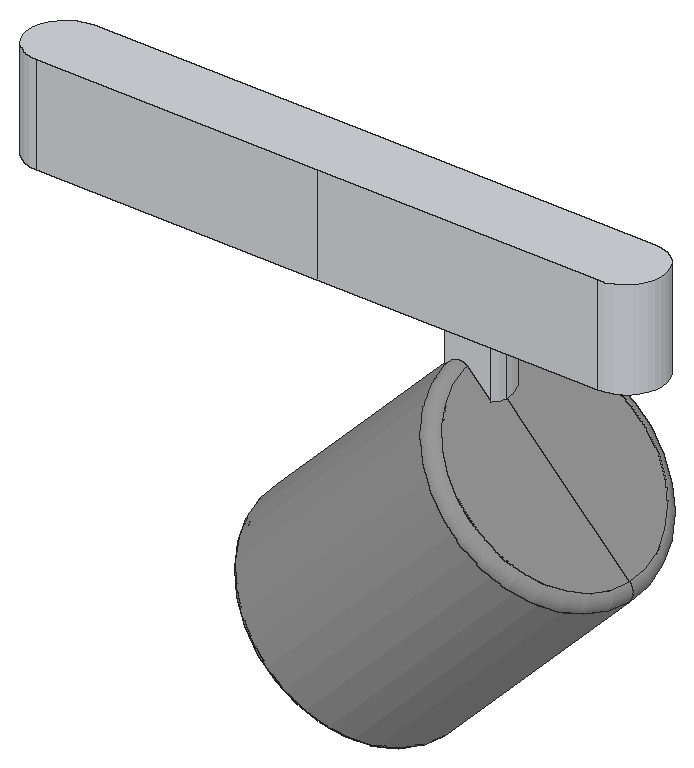
Revit family "IVLB_L4U_LF_Track Spot - EDDA M", category Lighting Fixtures, Revit 2019
Family settings
  Round Connector Dimension = Use Diameter
  Part Type = Normal
  Work Plane-Based = No
  Always vertical = No
  Cut with Voids When Loaded = No
  Light Source = No
  Shared = No
  Room Calculation Point = No
Parameters (values of type "EDDA M 1450lm_930 14W 20deg")
  ⌂ Powered by IVLibrary = "www.ivlibrary.com"
  Wattage Comments = "14W"
  URL = "https://light4u.io/product/track-luminaires/edda-m/"
  Type Comments = "Edda M"
  Track_Spot_Position_UD = 41 mm
  Track Adapter_Width = 29 mm
  Track Adapter_Length = 228 mm
  Track Adapter_Height = 30 mm
  Symbol_ToScale [instance] = not(Symbol_RealSize)  # no
  Symbol_RealSize [instance] = yes
  Switch Code [instance] = ""
  Track_Spot_Diameter = 96 mm
  Track_Spot_Length = 112 mm
  Track_Spot_Position_LR = 55 mm
  Rotation_Y-Axis [instance] = 45.00°
  Rotation_X-Axis [instance] = 0.00°
  Model = "Track Spot Edda M"
  Manufacturer = "Light4U"
  Luminaire Code = ""
  Light Source = Lightsource M : EDDA M 1450lm_930 14W 20deg_LDT
  Lamp = "LED"
  IfcExportType = "POINTSOURCE"
  IfcExportAs = "IfcLightFixtureType"
  Description = "Track Spot Edda M"
  built-in parameter 1140040 [instance] = 1
  Calc_Coupling_Length = Track_Spot_Position_UD  # 41 mm
  Assembly Code = "63.00"
  Article Number = ""
  Apparent Load = 14 VA
Types (13, lengths in mm): name | Wattage Comments | Light Source | Apparent Load
  (no name) | "14W" | Lightsource M : EDDA M 1450lm_930 14W 20deg_LDT | 14 VA
  EDDA M 1450lm_930 14W 30deg | "14W" | Lightsource M : EDDA M 1450lm_930 14.5W 30deg_LDT | 14 VA
  EDDA M 1450lm_930 14W 20deg | "14W" | Lightsource M : EDDA M 1450lm_930 14W 20deg_LDT | 14 VA
  EDDA M 1450lm_930 14W 45deg | "14W" | Lightsource M : EDDA M 1450lm_930 14W 45deg_LDT | 14 VA
  EDDA M 1450lm_930 14W 55deg | "14W" | Lightsource M : EDDA M 1450lm_930 14W 55deg_LDT | 14 VA
  EDDA M 2000lm_930 18.5W 20deg | "18.5W" | Lightsource M : EDDA M 2000lm_930 18.5W 20deg_LDT | 18.5 VA
  EDDA M 2000lm_930 18.5W 30deg | "18.5W" | Lightsource M : EDDA M 2000lm_930 18.5W 30deg_LDT | 18.5 VA
  EDDA M 2000lm_930 18.5W 45deg | "18.5W" | Lightsource M : EDDA M 2000lm_930 18.5W 45deg_LDT | 18.5 VA
  EDDA M 2000lm_930 18.5W 55deg | "18.5W" | Lightsource M : EDDA M 2000lm_930 18.5W 55deg_LDT | 18.5 VA
  EDDA M 3000lm_930 30W 20deg | "30W" | Lightsource M : EDDA M 3000lm_930 30W 20deg_LDT | 30 VA
  EDDA M 3000lm_930 30W 30deg | "30W" | Lightsource M : EDDA M 3000lm_930 30W 30deg_LDT | 30 VA
  EDDA M 3000lm_930 30W 45deg | "30W" | Lightsource M : EDDA M 3000lm_930 30W 45deg_LDT | 30 VA
  EDDA M 3000lm_930 30W 55deg | "30W" | Lightsource M : EDDA M 3000lm_930 30W 55deg_LDT | 30 VA
Reference planes
  plane 1 "Center (Front/Back)": y = 0
  plane 2: z = 0
  plane 3 "Center (Left/Right)": x = 0
  plane 4: x = 0.044
Forms (mm)
  Extrusion 1, solid
    sketch origin (0, 0, 0) x (1, 0, 0) y (0, 1, 0)
      loop
        line (0, 14.5) -> (-113.956, 14.5)
        arc (-113.956, 14.5) -> (-128.456, 0) -> (-113.956, -14.5) r 14.5
        line (-113.956, -14.5) -> (0, -14.5) -> (114.044, -14.5)
        arc (114.044, -14.5) -> (128.544, 0) -> (114.044, 14.5) r 14.5
        line (114.044, 14.5) -> (0, 14.5)
    from -10 to 30
Lines and regions (mm)
  symbolic lines, visible <- "Symbol_RealSize"
    curve 1: circle (55.044, 0, 0) r 42.5 normal (0, 0, 1)
Dimensions and locks
  equal spacing: Extrusion 1 sketch curve, plane 1 "Center (Front/Back)", Extrusion 1 sketch curve
  "Track Adapter_Width": Extrusion 1 sketch curve to Extrusion 1 sketch curve
  "Track Adapter_Length": Extrusion 1 sketch curve to Extrusion 1 sketch curve
  equal spacing: Extrusion 1 sketch curve, plane 4, Extrusion 1 sketch curve
  locked: level to Extrusion 1 at 10
  "Track Adapter_Height": Extrusion 1 to level
  "Track_Spot_Position_LR": nested 2 to plane 3 "Center (Left/Right)"
  "Track_Spot_Position_LR": plane 3 "Center (Left/Right)" to nested 1
  "Track_Spot_Position_LR": plane 4 to curve 1
  "Track_Spot_Position_LR": plane 4 to nested 3
  aligned and locked: level to plane 2
  aligned and locked: level to nested 1
  aligned and locked: nested 1 to nested 2
Automatic sketch dimensions
  plane 1 "Center (Front/Back)" to curve 1 = 0 mm
  Extrusion 1 sketch curve to plane 3 "Center (Left/Right)" = 0 mm  (x2)
  radius of curve 1 = 42.5 mm
Nested families
  nested 1: "Track_360_Rotation" at (55, -0.071, 0) x (-1, 0, 0) z (0, 0, 1), Coupling_Length <- "Track_Spot_Position_UD", type "LightLine_Spot_Coupling_Rotation"
    with Coupling_Length 41 mm
  nested 2: "Track_Spot_Aim M" at (55, -0.071, -41), Length <- "Track_Spot_Length", Width <- "Track_Spot_Diameter", Rotation_Spot <- "Rotation_Y-Axis", type "Track Spot Geometry"
    with Width 96 mm, Rotation_Spot 45.00°, Rotation point no, Rotaion_Max 45.00°, Length 112 mm, Calc_Length 92 mm
  nested 3: "Ø85 Symbol" at (55.044, 0, 0) x (0, 1, 0) z (0, 0, 1), visible <- "Symbol_ToScale", type "Ø85 Symbol"
    with Orientation Arrow no
  nested 4: "Lightsource M" at (19.783, 0.012, -121.032) x (0, 1, 0) z (0.7071, 0, 0.7071), type <- "Light Source", type "EDDA M 1450lm_930 14W 20deg_LDT"
Connectors
  electrical at (0, 0, 0), driven by "Apparent Load"
    settings: index 1, voltage 230 V, apparent load 0 VA, apparent load phase1 14 VA, apparent load phase2 0 VA, apparent load phase3 0 VA, power factor 1, load classification "Other", number of poles 1, system type 31, power factor state 1, is connector primary yes, connector utility no, sub classification motor no, connector description ""
Definition of nested family "Track_360_Rotation"
  Parameters (values of type "LightLine_Spot_Coupling_Rotation")
    Rotation_Coupling = 0.00°
    Coupling_Length [instance] = 30.686 mm
  Reference planes
    plane 1 "Center (Front/Back)": y = 0
    plane 2: z = 0
    plane 3 "Center (Left/Right)": x = 0
  Lines and regions (mm)
    reference lines
      curve 1: line (0, 0, 1060) -> (205, 0, 1060)
      curve 2: line (0, 0, 0) -> (0, 0, -30.686)
  Dimensions and locks
    "Rotation_Coupling": angle plane 1 "Center (Front/Back)" to curve 1
    aligned and locked: level to plane 2
    aligned and locked: plane 3 "Center (Left/Right)" to curve 1
    aligned and locked: plane 1 "Center (Front/Back)" to curve 1
  Automatic sketch dimensions
    curve 2 to plane 3 "Center (Left/Right)" = 0 mm
    curve 2 to level = 0 mm
    curve 2 to level = 30.686 mm
  Nested families
    nested 1: "LightLine_Spot_Coupling" at (0, 0, 0) x (0, -1, 0) z (0, 0, 1), Coupling length <- "Coupling_Length", type "LightLine_Spot_Coupling"
  Definition of nested family "LightLine_Spot_Coupling"
    Parameters (values of type "LightLine_Spot_Coupling")
      Default Elevation = 1219.2 mm
      Coupling length [instance] = 30.686 mm
    Reference planes
      plane 1 "Center (Front/Back)": y = 0
      plane 2: z = 0
      plane 3 "Center (Left/Right)": x = 0
    Forms (mm)
      Extrusion 1, solid
        sketch origin (0, -9.419, 0) x (1, 0, 0) y (0, 1, 0)
          loop
            arc (0, 20) -> (-3.473, 19.696) -> (-6.84, 18.794) r 20
            line (-6.84, 18.794) -> (-6.84, -0.044)
            arc (-6.84, -0.044) -> (-3.473, -0.946) -> (0, -1.25) r 20
            arc (0, -1.25) -> (3.473, -0.946) -> (6.84, -0.044) r 20
            line (6.84, -0.044) -> (6.84, 18.794)
            arc (6.84, 18.794) -> (3.473, 19.696) -> (0, 20) r 20
        from -30.686 to 0
    Dimensions and locks
      "Coupling length": Extrusion 1 to level
      aligned and locked: level to plane 2
      aligned and locked: level to Extrusion 1
    Automatic sketch dimensions
      Extrusion 1 sketch curve to Extrusion 1 sketch curve = 0 mm  (x4)
      Extrusion 1 sketch curve to plane 3 "Center (Left/Right)" = 0 mm  (x2)
      Extrusion 1 sketch curve to plane 3 "Center (Left/Right)" = 6.84 mm
      plane 3 "Center (Left/Right)" to Extrusion 1 sketch curve = 6.84 mm
      plane 1 "Center (Front/Back)" to Extrusion 1 sketch curve = 9.463 mm
      Extrusion 1 sketch curve to Extrusion 1 sketch curve = 0.044 mm  (x2)
      Extrusion 1 sketch curve to plane 1 "Center (Front/Back)" = 9.331 mm
Definition of nested family "Track_Spot_Aim M"
  Parameters (values of type "Track Spot Geometry")
    Width [instance] = 85 mm
    Rotation_Spot [instance] = 45.00°
    Rotation point [instance] = yes
    Rotaion_Max [instance] = if(Rotation_Spot < 0.00°, 0.00°, if(Rotation_Spot > 90.00°, 90.00°, Rotation_Spot))  # 45.00°
    Length [instance] = 104 mm
    Default Elevation = 1219.2 mm
    Calc_Length [instance] = Length - 20 mm  # 84 mm
  Reference planes
    plane 1 "Center (Front/Back)": y = 0
    plane 2: z = 0
    plane 3 "Center (Left/Right)": x = 0
  Lines and regions (mm)
    reference lines
      curve 1: line (0, 0, 0) -> (28.284, 0, 28.284)
    model lines, visible <- "Rotation point"
      curve 2: circle (0, 0, 0) r 1.09 normal (0, -1, 0)
  Dimensions and locks
    "Rotaion_Max": angle curve 1 to plane 3 "Center (Left/Right)"
    aligned and locked: level to plane 2
    aligned and locked: plane 2 to curve 1
    aligned and locked: plane 3 "Center (Left/Right)" to curve 1
  Automatic sketch dimensions
    curve 2 to level = 0 mm
    curve 2 to plane 3 "Center (Left/Right)" = 0 mm
    radius of curve 2 = 1.09 mm
  Nested families
    nested 1: "Track Spot" at (30.005, 0, -14.497) x (0.7071, 0, -0.7071) z (0.7071, 0, 0.7071), Length <- "Length", Width <- "Width", type "Track Spot"
      with Width 85 mm, Length 104 mm, Calc_Width 42.5 mm, Calc_LED 81.802 mm, Calc_Arc_Reflector 22.198 mm, Calc_Arc 22.998 mm
  Definition of nested family "Track Spot"
    Parameters (values of type "Track Spot")
      Calc_LED [instance] = Length - Calc_Arc_Reflector  # 81.802 mm
      Calc_Arc_Reflector [instance] = Calc_Arc - 0.8 mm  # 22.198 mm
      Calc_Arc [instance] = 22.998 mm
      Width [instance] = 85 mm
      Material_Reflector = none
      Material_Profile = none
      Length [instance] = 104 mm
      Default Elevation = 1219.2 mm
      Calc_Width [instance] = Width / 2  # 42.5 mm
    Reference planes
      plane 1 "Center (Front/Back)": y = 0
      plane 2: z = 0
      plane 3 "Center (Left/Right)": x = 0
      plane 4: z = -104
      plane 5: x = 42.5
      plane 6: x = 42.5
      plane 7: x = -42.5
      plane 8: x = 41.019
      plane 9: z = -104
    Forms (mm)
      Revolve 1, solid, material <- "Material_Profile"
        sketch origin (0, 0, 0) x (1, 0, 0) y (0, 0, 1)
          loop
            arc (42.5, -5) -> (41.036, -1.464) -> (37.5, 0) r 5
            line (37.5, 0) -> (0, 0) -> (0, -81.002)
            arc (0, -81.002) -> (23.28, -86.803) -> (41.116, -102.849) r 49.614
            arc (41.116, -102.849) -> (41.541, -103.97) -> (42.5, -103.25) r 0.75
            line (42.5, -103.25) -> (42.5, -5)
          axis (0, 0) -> (0, -103.25)
        angle from 0 to 360
      Revolve 2, solid, material <- "Material_Reflector"
        sketch origin (0, 0, 0) x (1, 0, 0) y (0, 0, 1)
          loop
            arc (0, -81.802) -> (23.32, -87.708) -> (41.019, -104) r 48.998
            line (41.019, -104) -> (41.655, -103.515)
            arc (41.655, -103.515) -> (23.674, -86.992) -> (0, -81.004) r 49.796
            line (0, -81.004) -> (0, -81.802)
          axis (0, -81.004) -> (0, -104)
        angle from 0 to 360
      Revolve 3, solid
        sketch origin (0, 0, 0) x (1, 0, 0) y (0, 0, 1)
          loop
            line (-10, -84.302) -> (0, -84.302) -> (0, -81.802) -> (-10, -81.802) -> (-10, -84.302)
          axis (0, -81.802) -> (0, -84.302)
        angle from 0 to 360
    Lines and regions (mm)
      reference lines
        curve 1: line (70, 0, 0) -> (-80, 0, 0)
        curve 2: line (34.256, 0, -11.177) -> (29.256, 0, -11.177)
        curve 3: line (31.756, 0, -8.808) -> (31.756, 0, -13.808)
        curve 6: line (-34.256, 0, -11.177) -> (-29.256, 0, -11.177)
        curve 7: line (-31.756, 0, -8.808) -> (-31.756, 0, -13.808)
        curve 8: circle (31.756, 0, -11.177) r 2.5 normal (0, -1, 0)
        curve 10: circle (-31.756, 0, -11.177) r 2.5 normal (0, 1, 0)
      reference lines, not visible
        curve 4: line (38.256, 0, -5.177) -> (33.256, 0, -5.177)
        curve 5: line (35.756, 0, -2.808) -> (35.756, 0, -7.808)
        curve 9: circle (35.756, 0, -5.177) r 2.5 normal (0, -1, 0)
    Dimensions and locks
      "Calc_Width": plane 3 "Center (Left/Right)" to plane 5
      "Length": level to plane 4
      locked: Revolve 1 sketch curve to Revolve 1 sketch curve at 1.441
      equal spacing: plane 6, plane 3 "Center (Left/Right)", plane 7
      "Calc_Width": plane 6 to plane 3 "Center (Left/Right)"
      locked: plane 8 to plane 6 at 1.481
      "Length": level to Revolve 2 sketch curve
      locked: Revolve 2 sketch curve to Revolve 2 sketch curve at 0.8
      "Calc_Arc": Revolve 1 sketch curve to plane 4
      "Length": level to plane 9
      locked: Revolve 2 sketch curve to Revolve 2 sketch curve at 0.798
      "Calc_Arc_Reflector": Revolve 2 sketch curve to plane 9
      locked: curve 3 to plane 6 at 10.744
      locked: level to curve 2 at 11.177
      locked: curve 7 to plane 7 at 10.744
      locked: level to curve 6 at 11.177
      plane 3 "Center (Left/Right)" to Revolve 3 sketch curve = 10 mm
      locked: Revolve 3 sketch curve to Revolve 3 sketch curve at 2.5
      "Calc_LED": plane 2 to Revolve 3 sketch curve
      aligned and locked: level to plane 2
      aligned and locked: level to Revolve 1 sketch curve
      aligned and locked: Revolve 1 sketch curve to plane 5
      aligned and locked: plane 8 to Revolve 2 sketch curve
    Automatic sketch dimensions
      curve 1 to level = 0 mm
      plane 7 to curve 1 = 37.5 mm
      plane 6 to curve 1 = 27.5 mm
      Revolve 1 sketch curve to plane 3 "Center (Left/Right)" = 0 mm  (x2)
      Revolve 1 sketch curve to plane 5 = 5 mm
      Revolve 1 sketch curve to plane 5 = 0.75 mm
      plane 4 to Revolve 1 sketch curve = 0.75 mm
      Revolve 1 sketch curve to Revolve 1 sketch curve = 170.397 mm
      level to Revolve 1 sketch curve = 2214.315 mm
      Revolve 2 sketch curve to Revolve 2 sketch curve = 0 mm  (x2)
      Revolve 2 sketch curve to plane 3 "Center (Left/Right)" = 0 mm  (x2)
      Revolve 2 sketch curve to Revolve 2 sketch curve = 236.408 mm
      level to Revolve 2 sketch curve = 2214.315 mm
      Revolve 3 sketch curve to plane 3 "Center (Left/Right)" = 0 mm  (x2)
      Revolve 3 sketch curve to plane 3 "Center (Left/Right)" = 10 mm
      Revolve 3 sketch curve to Revolve 3 sketch curve = 285.03 mm
      level to Revolve 3 sketch curve = 2214.315 mm
      radius of curve 8 = 2.5 mm
      radius of curve 9 = 2.5 mm
      radius of curve 10 = 2.5 mm
Definition of nested family "Ø85 Symbol"
  Parameters (values of type "Ø85 Symbol")
    Orientation Arrow [instance] = no
  Reference planes
    plane 1: y = 0
    plane 2: x = 0
  Lines and regions (mm)
    detail lines
      curve 1: circle (0, 0, 0) r 0.425 normal (0, 0, 1)
    detail lines, visible <- "Orientation Arrow"
      curve 2: line (0, 0.593, 0) -> (0, 1.193, 0)
      curve 3: line (0, 1.193, 0) -> (-0.112, 1.027, 0)
      curve 4: line (0, 1.193, 0) -> (0.112, 1.027, 0)
    reference lines
      curve 5: line (0, 0, 0) -> (0, -1.011, 0)
Definition of nested family "Lightsource M"
  Parameters (values of type "EDDA M 1450lm_930 14.5W 30deg_LDT")
    Wattage Comments = "14 W"
    Wattage = 9.2903 W
    built-in parameter 1150110 = 1 (stored number, unit not read)
    built-in parameter 1114217 = 1 (stored number, unit not read)
    Tilt Angle = 90.00°
    built-in parameter 1150109 = 1 (stored number, unit not read)
    built-in parameter 1150134 = 12
    built-in parameter 1150113 = 1 (stored number, unit not read)
    Reference Line [instance] = yes
    Photometric Web File = "EDDA M 1450lm_930 14.5W 30deg_LDT.ies"
    built-in parameter 1150105 = 109.82 (stored number, unit not read)
    Lumens = 1450 lm
    built-in parameter 1150115 = 1 (stored number, unit not read)
    built-in parameter 1150137 = (empty or 0)
    built-in parameter 1150139 = (empty or 0)
    built-in parameter 1150112 = 1 (stored number, unit not read)
    built-in parameter 1150114 = 1 (stored number, unit not read)
    built-in parameter 1150132 = 2
    built-in parameter 1150102 = (empty or 0)
    built-in parameter 1150107 = 4000 (stored number, unit not read)
    built-in parameter 1150138 = (empty or 0)
    built-in parameter 1150106 = 1.0982 (stored number, unit not read)
    built-in parameter 1150104 = 13.8 (stored number, unit not read)
    Dimming Lamp Color Temperature Shift = (empty or 0)
    Default Elevation = 1219.2 mm
    Color Filter = 16777215
    built-in parameter 1114218 = 1 (stored number, unit not read)
    built-in parameter 1150133 = 10 (stored number, unit not read)
    Apparent Load = 14 VA
  Types (12, lengths in mm): name | Wattage Comments | Photometric Web File | Lumens | Apparent Load
    EDDA M 1450lm_930 14.5W 30deg_LDT | "14 W" | "EDDA M 1450lm_930 14.5W 30deg_LDT.ies" | 1450 lm | 14 VA
    EDDA M 1450lm_930 14W 20deg_LDT | "14 W" | "EDDA M 1450lm_930 14W 20deg_LDT.ies" | 1450 lm | 14 VA
    EDDA M 1450lm_930 14W 45deg_LDT | "14 W" | "EDDA M 1450lm_930 14W 45deg_LDT.ies" | 1450 lm | 14 VA
    EDDA M 1450lm_930 14W 55deg_LDT | "14 W" | "EDDA M 1450lm_930 14W 55deg_LDT.ies" | 1450 lm | 14 VA
    EDDA M 2000lm_930 18.5W 20deg_LDT | "18 W" | "EDDA M 2000lm_930 18.5W 20deg_LDT.ies" | 2000 lm | 18 VA
    EDDA M 2000lm_930 18.5W 30deg_LDT | "18 W" | "EDDA M 2000lm_930 18.5W 30deg_LDT.ies" | 2000 lm | 18 VA
    EDDA M 2000lm_930 18.5W 45deg_LDT | "18 W" | "EDDA M 2000lm_930 18.5W 45deg_LDT.ies" | 2000 lm | 18 VA
    EDDA M 2000lm_930 18.5W 55deg_LDT | "18 W" | "EDDA M 2000lm_930 18.5W 55deg_LDT.ies" | 2000 lm | 18 VA
    EDDA M 3000lm_930 30W 20deg_LDT | "30 W" | "EDDA M 3000lm_930 30W 20deg_LDT.ies" | 3000 lm | 30 VA
    EDDA M 3000lm_930 30W 30deg_LDT | "30 W" | "EDDA M 3000lm_930 30W 30deg_LDT.ies" | 3000 lm | 30 VA
    EDDA M 3000lm_930 30W 45deg_LDT | "30 W" | "EDDA M 3000lm_930 30W 45deg_LDT.ies" | 3000 lm | 30 VA
    EDDA M 3000lm_930 30W 55deg_LDT | "30 W" | "EDDA M 3000lm_930 30W 55deg_LDT.ies" | 3000 lm | 30 VA
  Reference planes
    plane 1 "Center (Front/Back)": y = 0
    plane 2: z = 0
    plane 3 "Center (Left/Right)": x = 0
  Lines and regions (mm)
    reference lines
      curve 1: line (-60, 0, 0) -> (60, 0, 0)
      curve 2: line (0, 0, 0) -> (0, 0, -80)
  Dimensions and locks
    aligned and locked: level to plane 2
